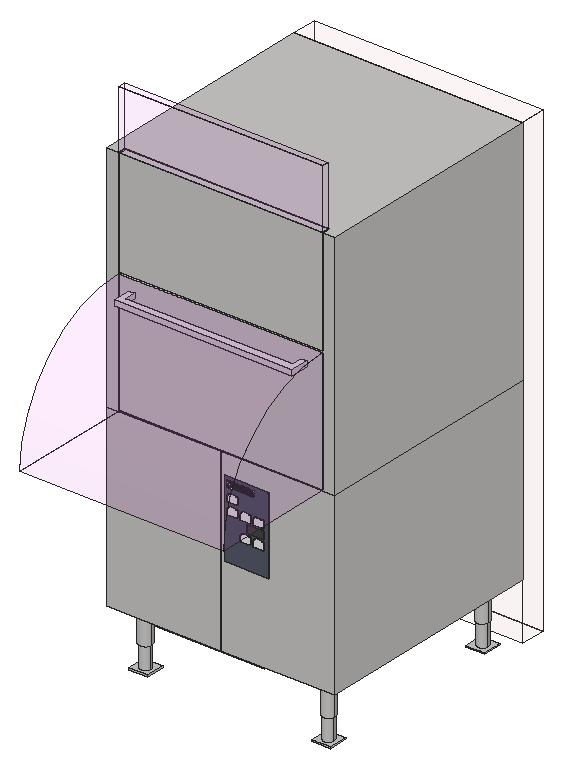
Revit family "QF_ELECTROLUXPROFESSIONAL_506071_EPPWESGM6", category Attrezzature speciali, Revit 2020
Family settings
  Quota connettore circolare = Usa diametro
  Tipo di parte = Normale
  Basato su piano di lavoro = No
  Sempre verticale = Sì
  Taglio con vuoti quando caricato = No
  Condiviso = No
  Punto di calcolo locali = No
Parameters (values of type "Standard")
  Weight = 200.00 kg
  Watts = 13000 W
  Volts = 440 V
  URL Manufacturer = "https://www.electroluxprofessional.com/"
  URL = "https://www.electroluxprofessional.com/"
  Steam Supply Size = 0 mm
  Steam Supply Minimum Pressure = 0.0 Pa
  Steam Supply Maximum Pressure = 0.0 Pa
  Steam Consumption per Hour = 0
  Show Logo [instance] = yes
  Show Clearance [instance] = yes
  Refrigeration Suction Line Size = 0 mm
  Refrigeration Liquid Line Size = 0 mm
  Refrigerant Compressor Remote = yes
  Prospetto di default = 0 mm
  Produttore = "Electrolux Professional"
  Phase = 3
  Modello = "EPPWESGM6"
  Length Actual = 876 mm  # constant formula
  Item Number = "506071"
  Hot Water Size = 19.05 mm
  Height Actual = 1791 mm  # constant formula
  HP = "17.4 HP"
  Gas Size = 0 mm
  Gas KW = 0
  Gas Input Pressure = 0 W
  Direct Waste Size = 20 mm
  Descrizione = "ELECTRONIC POT&PAN 900MM, 60HZ-MARINE"
  Depth Actual = 900 mm  # constant formula
  Cycle = 60 Hz
  Condensate Return Size = 0 mm
  Compressed Air Volume = 0.0 L/s
  Compressed Air Size = 0 mm
  Compressed Air Pressure = 0.0 Pa
  Cold Water Size = 0 mm
  Accessory = yes
Reference planes
  plane 1 "Center (Front/Back)": y = 0
  plane 2: z = 0
  plane 3: x = -63
  plane 4 "LEFT": x = -501
  plane 5: x = 375
  plane 6: y = -450
  plane 7 "BACK": y = 450
  plane 8: z = 220
  plane 9: z = 115
  plane 10: z = 1791
Forms (mm)
  Extrusion 1, solid, material "QF_Finishes_Stainless Steel"
    sketch origin (88.519, -3.5, 0) x (1, 0, 0) y (0, 1, 0)
      loop
        line (-534.519, -88.5) -> (-534.519, -308.5) -> (-94.519, -308.5) -> (-94.519, -88.5) -> (-534.519, -88.5)
    from 115 to 220
  Extrusion 2, solid, material "QF_Finishes_Stainless Steel"
    sketch origin (0, 0, 0) x (1, 0, 0) y (0, 1, 0)
      loop
        line (-501, 450) -> (-501, -450) -> (-63, -450) -> (-63, 450) -> (-501, 450)
    from 220 to 904
  Extrusion 3, solid, material "QF_Finishes_Stainless Steel"
    sketch origin (0, 0, 0) x (1, 0, 0) y (0, 1, 0)
      loop
        line (-63, 450) -> (-63, -450) -> (375, -450) -> (375, 450) -> (-63, 450)
    from 220 to 904
  Extrusion 4, solid, material "QF_Finishes_Stainless Steel"
    sketch origin (0, 0, 0) x (1, 0, 0) y (0, 1, 0)
      loop
        line (-501, 450) -> (-501, -450) -> (-453, -450) -> (-453, -418) -> (327, -418) -> (327, -450) -> (375, -450) -> (375, 450) -> (-501, 450)
    from 904 to 1791
  Extrusion 5, solid, material "QF_Finishes_Stainless Steel"
    sketch origin (0, 0, 0) x (1, 0, 0) y (0, 1, 0)
      loop
        line (-453, -450) -> (327, -450) -> (327, -420) -> (-453, -420) -> (-453, -450)
    from 909 to 1377.938
  Extrusion 6, solid, material "QF_Finishes_Stainless Steel"
    sketch origin (0, 0, 0) x (1, 0, 0) y (0, 1, 0)
      loop
        line (-453, -450) -> (327, -450) -> (327, -420) -> (-453, -420) -> (-453, -450)
    from 1384.114 to 1791
  Extrusion 7, solid, material "QF_Finishes_Door Clearance", visible <- "Show Clearance"
    sketch origin (-229, -650, 546.718) x (0, 1, 0) y (0, 0, -1)
      loop
        line (200, -357.282) -> (-274, -357.282)
        arc (-274, -357.282) -> (-135.169, -692.45) -> (200, -831.282) r 474
        line (200, -831.282) -> (200, -357.282)
    from 224 to -556
  Extrusion 8, solid, material "QF_Finishes_Door Clearance", visible <- "Show Clearance"
    sketch origin (-229, -650, 1221.218) x (0, 1, 0) y (0, 0, -1)
      loop
        line (200, -569.782) -> (200, -798.782) -> (230, -798.782) -> (230, -569.782) -> (200, -569.782)
    from 224 to -556
  Extrusion 9, solid, material "QF_Finishes_Clearance", visible <- "Show Clearance"
    sketch origin (0, 0, 0) x (1, 0, 0) y (0, 1, 0)
      loop
        line (-501, 450) -> (375, 450) -> (375, 550) -> (-501, 550) -> (-501, 450)
    from 0 to 1791
  Extrusion 10, solid, material "QF_Finishes_Stainless Steel"
    sketch origin (-756.159, 1152.464, 214.383) x (1, 0, 0) y (0, 1, 0)
      loop
        circle (701.159, -772.464) r 10
    from -9.383 to 5.617
  Extrusion 11, solid, material "QF_Finishes_Stainless Steel"
    sketch origin (207.404, -238.023, 218) x (0, -1, 0) y (1, 0, 0)
      loop
        line (-163.023, 6.596) -> (-163.023, 26.596) -> (-183.023, 26.596) -> (-183.023, 6.596) -> (-163.023, 6.596)
    from 0 to 2
  Extrusion 12, solid, material "QF_Finishes_Stainless Steel"
    sketch origin (-127.596, 216.977, 218) x (0, -1, 0) y (1, 0, 0)
      loop
        line (-163.023, 6.596) -> (-163.023, 26.596) -> (-183.023, 26.596) -> (-183.023, 6.596) -> (-163.023, 6.596)
    from 0 to 2
  Extrusion 13, solid, material "QF_Finishes_Stainless Steel"
    sketch origin (-526.159, 606.464, 214.383) x (1, 0, 0) y (0, 1, 0)
      loop
        circle (701.159, -772.464) r 10
    from -9.383 to 5.617
  Extrusion 14, solid, material "QF_Finishes_Stainless Steel"
    sketch origin (-456.159, 516.464, 214.383) x (1, 0, 0) y (0, 1, 0)
      loop
        circle (701.159, -772.464) r 10
    from -9.383 to 5.617
Dimensions and locks
  equal spacing: plane 7 "BACK", plane 1 "Center (Front/Back)", plane 6
  plane 7 "BACK" to plane 6 = 900 mm  (x2)
  plane 4 "LEFT" to plane 5 = 876 mm
  equal spacing: Extrusion 2, Extrusion 4 sketch curve, Extrusion 4 sketch curve, Extrusion 4 sketch curve
  equal spacing: plane 5, plane 3, plane 4 "LEFT"
  plane 8 to level = 220 mm
  Extrusion 1 to Extrusion 1 = 220 mm
  Extrusion 1 to plane 6 = 138 mm
  plane 10 to level = 1791 mm
  Extrusion 8 to level = 2020 mm
  Extrusion 9 to Extrusion 7 = 1374 mm
  level to Extrusion 4 = 904 mm
  aligned and locked: level to plane 2
  aligned and locked: plane 8 to Extrusion 1
  aligned and locked: Extrusion 1 to plane 9
  aligned and locked: Extrusion 2 to plane 6
  aligned and locked: plane 7 "BACK" to Extrusion 2
  aligned and locked: Extrusion 2 to plane 4 "LEFT"
  aligned and locked: Extrusion 3 sketch curve to Extrusion 2  (x2)
  aligned and locked: plane 6 to Extrusion 3 sketch curve
  aligned and locked: Extrusion 3 sketch curve to plane 5
  aligned and locked: Extrusion 2 to plane 8
  aligned and locked: Extrusion 3 to plane 8
  aligned and locked: Extrusion 4 sketch curve to Extrusion 2  (x2)
  aligned and locked: Extrusion 5 sketch curve to plane 6
  aligned and locked: Extrusion 6 sketch curve to Extrusion 5  (x4)
  aligned and locked: Extrusion 6 to Extrusion 8 sketch curve
  aligned and locked: Extrusion 8 to Extrusion 6  (x2)
Automatic sketch dimensions
  plane 4 "LEFT" to Extrusion 1 sketch curve = 55 mm
  plane 3 to Extrusion 1 sketch curve = 57 mm
  plane 6 to Extrusion 1 sketch curve = 138 mm
  plane 1 "Center (Front/Back)" to Extrusion 1 sketch curve = 92 mm
  Extrusion 2 sketch curve to plane 4 "LEFT" = 0 mm
  Extrusion 2 sketch curve to plane 3 = 0 mm
  Extrusion 2 sketch curve to plane 6 = 0 mm
  Extrusion 2 sketch curve to plane 7 "BACK" = 0 mm
  Extrusion 4 sketch curve to plane 6 = 0 mm  (x2)
  Extrusion 4 sketch curve to plane 5 = 0 mm
  plane 4 "LEFT" to Extrusion 4 sketch curve = 48 mm
  Extrusion 4 sketch curve to Extrusion 4 sketch curve = 48 mm
  Extrusion 4 sketch curve to Extrusion 4 sketch curve = 32 mm
  plane 4 "LEFT" to Extrusion 5 sketch curve = 48 mm
  Extrusion 5 sketch curve to plane 5 = 48 mm
  Extrusion 5 sketch curve to Extrusion 5 sketch curve = 30 mm
  Extrusion 7 sketch curve to plane 6 = 0 mm
  Extrusion 7 sketch curve to plane 6 = 474 mm
  plane 10 to Extrusion 7 sketch curve = 413 mm
  Extrusion 8 sketch curve to plane 6 = 0 mm
  plane 10 to Extrusion 8 sketch curve = 0 mm
  Extrusion 8 sketch curve to Extrusion 8 sketch curve = 229 mm
  Extrusion 9 sketch curve to plane 4 "LEFT" = 0 mm
  Extrusion 9 sketch curve to plane 5 = 0 mm
  Extrusion 9 sketch curve to plane 7 "BACK" = 0 mm
  Extrusion 9 sketch curve to Extrusion 9 sketch curve = 100 mm
  Extrusion 10 sketch curve to plane 5 = 430 mm
  Extrusion 10 sketch curve to plane 7 "BACK" = 70 mm
  Extrusion 11 sketch curve to plane 7 "BACK" = 505 mm
  Extrusion 11 sketch curve to Extrusion 11 sketch curve = 20 mm  (x2)
  Extrusion 11 sketch curve to plane 5 = 161 mm
  Extrusion 12 sketch curve to plane 1 "Center (Front/Back)" = 400 mm
  Extrusion 12 sketch curve to Extrusion 12 sketch curve = 20 mm  (x2)
  Extrusion 12 sketch curve to plane 5 = 496 mm
  Extrusion 13 sketch curve to plane 5 = 200 mm
  Extrusion 13 sketch curve to plane 7 "BACK" = 616 mm
  Extrusion 14 sketch curve to plane 5 = 130 mm
  Extrusion 14 sketch curve to plane 7 "BACK" = 706 mm
  radius of Extrusion 10 sketch curve = 10 mm
  radius of Extrusion 13 sketch curve = 10 mm
  radius of Extrusion 14 sketch curve = 10 mm
Nested families
  nested 1: "MANIGLIA_DISHWASHING_SQUARE" at (-73, -450, 1321) x (1, 0, 0) z (0, -1, 0), type "MANIGLIA_DISHWASHING_SQUARE"
  nested 2: "Tastierino_LARGE_ROUNCORNER_DISHWASHING_BLUE" at (37, -450, 680) x (-1, 0, 0) z (0, -1, 0), type "Tastierino_LARGE_ROUNCORNER_DISHWASHING_BLUE"
    with Show Logo yes
  nested 3: "ELX_LOGO_MONO_SMALL_WHITE" at (-34.92, -450.8, 755) x (-1, 0, 0) z (0, -1, 0), Show Logo <- "Show Logo", visible <- "Show Logo", type "ELX_LOGO_MONO_SMALL_WHITE"
    with Show Logo yes
  nested 4: "ELX_LOGO_WORDS_WHITE" at (27, -450.8, 804.211) x (1, 0, 0) z (0, -1, 0), Show Logo <- "Show Logo", visible <- "Show Logo", type "ELX_LOGO_WORDS_WHITE"
    with Show Logo yes
  nested 5: "Piedino H220X50 - DISHWASHING - MARINE" at (-414, -371, 0), type "Piedino H220X50 - DISHWASHING - MARINE"
    with H 200 mm
  nested 6: "Piedino H220X50 - DISHWASHING - MARINE" at (288, -371, 0), type "Piedino H220X50 - DISHWASHING - MARINE"
    with H 200 mm
  nested 7: "Piedino H220X50 - DISHWASHING - MARINE" at (-414, 367, 0), type "Piedino H220X50 - DISHWASHING - MARINE"
    with H 200 mm
  nested 8: "Piedino H220X50 - DISHWASHING - MARINE" at (288, 367, 0), type "Piedino H220X50 - DISHWASHING - MARINE"
    with H 200 mm
Connectors
  piping at (-55, 380, 205), diameter 12.9
    settings: on Extrusion 10, index 48, connector inside diameter 609.6 mm, connector length 0 mm, flow factor 0, pipe flow 0.0 L/s, pressure drop 0.0 Pa, fitting loss kfactor 0, connector angle 0.00°, fixture units 0, engagement length 0 mm, angle of deflection 0.00°, flow configuration 0, flow direction 0, fitting loss method 0, system type 29, joint type 0, gender type 0, connector reference index -1, connector utility 0, adjustable connector no, is connector primary yes, connector description "D"
  electrical at (224, -65, 218)
    settings: on Extrusion 11, index 49, voltage 0 V, apparent load 0 VA, apparent load phase1 0 VA, apparent load phase2 0 VA, apparent load phase3 0 VA, power factor 1, load classification "Altro", number of poles 1, system type 30, power factor state 1, is connector primary yes, connector utility no, sub classification motor no, connector description "EI"
  electrical at (-111, 390, 218)
    settings: on Extrusion 12, index 50, voltage 0 V, apparent load 0 VA, apparent load phase1 0 VA, apparent load phase2 0 VA, apparent load phase3 0 VA, power factor 1, load classification "Altro", number of poles 1, system type 30, power factor state 1, is connector primary no, connector utility no, sub classification motor no, connector description "EQ"
  piping at (175, -166, 205), diameter 12.9
    settings: on Extrusion 13, index 51, connector inside diameter 609.6 mm, connector length 0 mm, flow factor 0, pipe flow 0.0 L/s, pressure drop 0.0 Pa, fitting loss kfactor 0, connector angle 0.00°, fixture units 0, engagement length 0 mm, angle of deflection 0.00°, flow configuration 0, flow direction 0, fitting loss method 0, system type 29, joint type 0, gender type 0, connector reference index -1, connector utility 0, adjustable connector no, is connector primary no, connector description "HWI"
  piping at (245, -256, 205), diameter 12.9
    settings: on Extrusion 14, index 52, connector inside diameter 609.6 mm, connector length 0 mm, flow factor 0, pipe flow 0.0 L/s, pressure drop 0.0 Pa, fitting loss kfactor 0, connector angle 0.00°, fixture units 0, engagement length 0 mm, angle of deflection 0.00°, flow configuration 0, flow direction 0, fitting loss method 0, system type 29, joint type 0, gender type 0, connector reference index -1, connector utility 0, adjustable connector no, is connector primary no, connector description "XD/XR"
Definition of nested family "MANIGLIA_DISHWASHING_SQUARE"
  Parameters
    Default Elevation = 1219.2 mm
  Reference planes
    plane 1 "Centro (Fronte/Retro)": y = 0
    plane 2: z = 0
    plane 3 "Centro (Sinistra/Destra)": x = 0
    plane 4: z = 72
    plane 5: x = -340
    plane 6: x = 340
  Forms (mm)
    Extrusion 1, solid
      sketch origin (0, 0, 0) x (1, 0, 0) y (0, 1, 0)
        loop
          line (-1219.2, 1219.2) -> (-1219.2, -1219.2) -> (1219.2, -1219.2) -> (1219.2, 1219.2) -> (-1219.2, 1219.2)
      from 0 to -304.8
    Extrusion 2, solid
      sketch origin (0, 10.003, 0) x (1, 0, 0) y (0, 0, 1)
        loop
          line (-340, 0) -> (-320, 0) -> (-320, 42) -> (320, 42) -> (320, 0) -> (340, 0) -> (340, 72) -> (-340, 72) -> (-340, 0)
      from 0 to 20.005
  Dimensions and locks
    aligned and locked: plane 2 to Extrusion 1
    aligned and locked: level to Extrusion 1
Definition of nested family "Tastierino_LARGE_ROUNCORNER_DISHWASHING_BLUE"
  Parameters
    Show Logo [instance] = yes
    Default Elevation = 1219.2 mm
  Reference planes
    plane 1 "Centro (Fronte/Retro)": y = 0
    plane 2: z = 0
    plane 3 "Centro (Sinistra/Destra)": x = 0
  Forms (mm)
    Extrusion 1, solid
      sketch origin (0, 0, 0) x (1, 0, 0) y (0, 1, 0)
        loop
          line (-1219.2, 1219.2) -> (-1219.2, -1219.2) -> (1219.2, -1219.2) -> (1219.2, 1219.2) -> (-1219.2, 1219.2)
      from 0 to -304.8
    Extrusion 2, solid
      sketch origin (0, 0, 0) x (1, 0, 0) y (0, 1, 0)
        loop
          line (-84.444, 147.62) -> (-84.444, -147.62) -> (84.444, -147.62) -> (84.444, 147.62) -> (-84.444, 147.62)
        loop
          arc (-63.183, 58.723) -> (-64.598, 58.137) -> (-65.183, 56.723) r 2
          line (-65.183, 56.723) -> (-65.183, 30.723)
          arc (-65.183, 30.723) -> (-64.598, 29.308) -> (-63.183, 28.723) r 2
          line (-63.183, 28.723) -> (-40.183, 28.723)
          arc (-40.183, 28.723) -> (-29.577, 33.116) -> (-25.183, 43.723) r 15
          line (-25.183, 43.723) -> (-25.183, 56.723)
          arc (-25.183, 56.723) -> (-25.769, 58.137) -> (-27.183, 58.723) r 2
          line (-27.183, 58.723) -> (-63.183, 58.723)
        loop
          line (-65.183, 22.208) -> (-65.183, -7.792) -> (0, -7.792) -> (0, 22.208) -> (-65.183, 22.208)
        loop
          arc (-13.183, 58.723) -> (-14.598, 58.137) -> (-15.183, 56.723) r 2
          line (-15.183, 56.723) -> (-15.183, 30.723)
          arc (-15.183, 30.723) -> (-14.598, 29.308) -> (-13.183, 28.723) r 2
          line (-13.183, 28.723) -> (9.817, 28.723)
          arc (9.817, 28.723) -> (20.423, 33.116) -> (24.817, 43.723) r 15
          line (24.817, 43.723) -> (24.817, 56.723)
          arc (24.817, 56.723) -> (24.231, 58.137) -> (22.817, 58.723) r 2
          line (22.817, 58.723) -> (-13.183, 58.723)
        loop
          arc (-63.183, -16.277) -> (-64.598, -16.863) -> (-65.183, -18.277) r 2
          line (-65.183, -18.277) -> (-65.183, -44.277)
          arc (-65.183, -44.277) -> (-64.598, -45.692) -> (-63.183, -46.277) r 2
          line (-63.183, -46.277) -> (-40.183, -46.277)
          arc (-40.183, -46.277) -> (-29.577, -41.884) -> (-25.183, -31.277) r 15
          line (-25.183, -31.277) -> (-25.183, -18.277)
          arc (-25.183, -18.277) -> (-25.769, -16.863) -> (-27.183, -16.277) r 2
          line (-27.183, -16.277) -> (-63.183, -16.277)
        loop
          arc (-13.183, -16.277) -> (-14.598, -16.863) -> (-15.183, -18.277) r 2
          line (-15.183, -18.277) -> (-15.183, -44.277)
          arc (-15.183, -44.277) -> (-14.598, -45.692) -> (-13.183, -46.277) r 2
          line (-13.183, -46.277) -> (9.817, -46.277)
          arc (9.817, -46.277) -> (20.423, -41.884) -> (24.817, -31.277) r 15
          line (24.817, -31.277) -> (24.817, -18.277)
          arc (24.817, -18.277) -> (24.231, -16.863) -> (22.817, -16.277) r 2
          line (22.817, -16.277) -> (-13.183, -16.277)
        loop
          arc (36.817, -16.277) -> (35.402, -16.863) -> (34.817, -18.277) r 2
          line (34.817, -18.277) -> (34.817, -44.277)
          arc (34.817, -44.277) -> (35.402, -45.692) -> (36.817, -46.277) r 2
          line (36.817, -46.277) -> (59.817, -46.277)
          arc (59.817, -46.277) -> (70.423, -41.884) -> (74.817, -31.277) r 15
          line (74.817, -31.277) -> (74.817, -18.277)
          arc (74.817, -18.277) -> (74.231, -16.863) -> (72.817, -16.277) r 2
          line (72.817, -16.277) -> (36.817, -16.277)
        loop
          arc (36.817, -61.277) -> (35.402, -61.863) -> (34.817, -63.277) r 2
          line (34.817, -63.277) -> (34.817, -89.277)
          arc (34.817, -89.277) -> (35.402, -90.692) -> (36.817, -91.277) r 2
          line (36.817, -91.277) -> (59.817, -91.277)
          arc (59.817, -91.277) -> (70.423, -86.884) -> (74.817, -76.277) r 15
          line (74.817, -76.277) -> (74.817, -63.277)
          arc (74.817, -63.277) -> (74.231, -61.863) -> (72.817, -61.277) r 2
          line (72.817, -61.277) -> (36.817, -61.277)
      from 0 to 0.8
    Extrusion 3, solid
      sketch origin (0, 0, 0) x (1, 0, 0) y (0, 1, 0)
        loop
          line (-65.183, 22.208) -> (-65.183, -7.792) -> (0, -7.792) -> (0, 22.208) -> (-65.183, 22.208)
      from 0 to 0.8
    Extrusion 4, solid
      sketch origin (0, 0, 0) x (1, 0, 0) y (0, 1, 0)
        loop
          arc (-63.183, 58.723) -> (-64.598, 58.137) -> (-65.183, 56.723) r 2
          line (-65.183, 56.723) -> (-65.183, 30.723)
          arc (-65.183, 30.723) -> (-64.598, 29.308) -> (-63.183, 28.723) r 2
          line (-63.183, 28.723) -> (-40.183, 28.723)
          arc (-40.183, 28.723) -> (-29.577, 33.116) -> (-25.183, 43.723) r 15
          line (-25.183, 43.723) -> (-25.183, 56.723)
          arc (-25.183, 56.723) -> (-25.769, 58.137) -> (-27.183, 58.723) r 2
          line (-27.183, 58.723) -> (-63.183, 58.723)
        loop
          arc (-13.183, 58.723) -> (-14.598, 58.137) -> (-15.183, 56.723) r 2
          line (-15.183, 56.723) -> (-15.183, 30.723)
          arc (-15.183, 30.723) -> (-14.598, 29.308) -> (-13.183, 28.723) r 2
          line (-13.183, 28.723) -> (9.817, 28.723)
          arc (9.817, 28.723) -> (20.423, 33.116) -> (24.817, 43.723) r 15
          line (24.817, 43.723) -> (24.817, 56.723)
          arc (24.817, 56.723) -> (24.231, 58.137) -> (22.817, 58.723) r 2
          line (22.817, 58.723) -> (-13.183, 58.723)
        loop
          arc (-63.183, -16.277) -> (-64.598, -16.863) -> (-65.183, -18.277) r 2
          line (-65.183, -18.277) -> (-65.183, -44.277)
          arc (-65.183, -44.277) -> (-64.598, -45.692) -> (-63.183, -46.277) r 2
          line (-63.183, -46.277) -> (-40.183, -46.277)
          arc (-40.183, -46.277) -> (-29.577, -41.884) -> (-25.183, -31.277) r 15
          line (-25.183, -31.277) -> (-25.183, -18.277)
          arc (-25.183, -18.277) -> (-25.769, -16.863) -> (-27.183, -16.277) r 2
          line (-27.183, -16.277) -> (-63.183, -16.277)
        loop
          arc (-13.183, -16.277) -> (-14.598, -16.863) -> (-15.183, -18.277) r 2
          line (-15.183, -18.277) -> (-15.183, -44.277)
          arc (-15.183, -44.277) -> (-14.598, -45.692) -> (-13.183, -46.277) r 2
          line (-13.183, -46.277) -> (9.817, -46.277)
          arc (9.817, -46.277) -> (20.423, -41.884) -> (24.817, -31.277) r 15
          line (24.817, -31.277) -> (24.817, -18.277)
          arc (24.817, -18.277) -> (24.231, -16.863) -> (22.817, -16.277) r 2
          line (22.817, -16.277) -> (-13.183, -16.277)
        loop
          arc (36.817, -16.277) -> (35.402, -16.863) -> (34.817, -18.277) r 2
          line (34.817, -18.277) -> (34.817, -44.277)
          arc (34.817, -44.277) -> (35.402, -45.692) -> (36.817, -46.277) r 2
          line (36.817, -46.277) -> (59.817, -46.277)
          arc (59.817, -46.277) -> (70.423, -41.884) -> (74.817, -31.277) r 15
          line (74.817, -31.277) -> (74.817, -18.277)
          arc (74.817, -18.277) -> (74.231, -16.863) -> (72.817, -16.277) r 2
          line (72.817, -16.277) -> (36.817, -16.277)
        loop
          arc (36.817, -61.277) -> (35.402, -61.863) -> (34.817, -63.277) r 2
          line (34.817, -63.277) -> (34.817, -89.277)
          arc (34.817, -89.277) -> (35.402, -90.692) -> (36.817, -91.277) r 2
          line (36.817, -91.277) -> (59.817, -91.277)
          arc (59.817, -91.277) -> (70.423, -86.884) -> (74.817, -76.277) r 15
          line (74.817, -76.277) -> (74.817, -63.277)
          arc (74.817, -63.277) -> (74.231, -61.863) -> (72.817, -61.277) r 2
          line (72.817, -61.277) -> (36.817, -61.277)
      from 0 to 0.8
  Dimensions and locks
    aligned and locked: plane 2 to Extrusion 1
    aligned and locked: level to Extrusion 1
Definition of nested family "ELX_LOGO_MONO_SMALL_WHITE"
  Parameters (values of type "ELX_LOGO_MONO_SMALL_WHITE")
    Show Logo [instance] = yes
    Default Elevation = 1219.2 mm
  Reference planes
    plane 1 "Center (Front/Back)": y = -49
    plane 2: z = 0
    plane 3 "Center (Left/Right)": x = -9.92
  Forms (mm)
    Extrusion 1, solid
      sketch origin (0, 0, 0) x (1, 0, 0) y (0, 1, 0)
        loop
          line (-1219.2, 1219.2) -> (-1219.2, -1219.2) -> (1219.2, -1219.2) -> (1219.2, 1219.2) -> (-1219.2, 1219.2)
      from 0 to -304.8
    Extrusion 2, solid, visible <- "Show Logo"
      sketch origin (84.462, 509.781, 0) x (1, 0, 0) y (0, 1, 0)
        loop
          line (-97.736, -569.727) -> (-97.736, -547.891)
          arc (-97.736, -547.891) -> (-105.808, -558.809) -> (-97.736, -569.727) r 11.42
        loop
          arc (-96.625, -569.727) -> (-87.544, -567.663) -> (-83.169, -559.442) r 11.191
          line (-83.169, -559.442) -> (-86.782, -559.442)
          arc (-86.782, -559.442) -> (-93.235, -562.062) -> (-96.625, -568.146) r 10.49
          line (-96.625, -568.146) -> (-96.625, -569.727)
        loop
          arc (-96.625, -549.472) -> (-93.235, -555.557) -> (-86.782, -558.176) r 10.49
          line (-86.782, -558.176) -> (-83.169, -558.176)
          arc (-83.169, -558.176) -> (-87.537, -549.888) -> (-96.625, -547.611) r 11.484
          line (-96.625, -547.611) -> (-96.625, -549.472)
        loop
          line (-82.34, -570.919) -> (-82.34, -546.65) -> (-106.642, -546.65) -> (-106.642, -570.919) -> (-82.34, -570.919)
      from 0 to 1.644
  Dimensions and locks
    aligned and locked: plane 2 to Extrusion 1
    aligned and locked: level to Extrusion 1
Definition of nested family "ELX_LOGO_WORDS_WHITE"
  Parameters (values of type "ELX_LOGO_WORDS_WHITE")
    Show Logo [instance] = yes
    Default Elevation = 0 mm
  Reference planes
    plane 1 "Centro (Fronte/Retro)": y = 0
    plane 2: z = 0
    plane 3 "Centro (Sinistra/Destra)": x = 0
  Forms (mm)
    Extrusion 1, solid
      sketch origin (0, 0, 0) x (1, 0, 0) y (0, 1, 0)
        loop
          line (-1219.2, 1219.2) -> (-1219.2, -1219.2) -> (1219.2, -1219.2) -> (1219.2, 1219.2) -> (-1219.2, 1219.2)
      from 0 to -304.8
    Extrusion 2, solid, visible <- "Show Logo"
      sketch origin (0, 0, 0) x (1, 0, 0) y (0, 1, 0)
        loop
          line (-30.234, 10.561) -> (-37.67, 10.561) -> (-37.67, 1.902)
          arc (-37.67, 1.902) -> (-36.691, -0.461) -> (-34.329, -1.439) r 3.341
          line (-34.329, -1.439) -> (-30.09, -1.439) -> (-30.09, 0.503) -> (-33.845, 0.503)
          arc (-33.845, 0.503) -> (-35.079, 0.92) -> (-35.604, 2.112) r 1.615
          line (-35.604, 2.112) -> (-35.604, 3.829) -> (-30.555, 3.829) -> (-30.555, 5.779) -> (-35.604, 5.779) -> (-35.604, 8.617) -> (-30.234, 8.617) -> (-30.234, 10.561)
        loop
          line (-28.622, 10.561) -> (-28.622, -1.439) -> (-26.555, -1.439) -> (-26.555, 10.561) -> (-28.622, 10.561)
        loop
          line (16.27, 10.561) -> (16.27, -1.439) -> (18.338, -1.439) -> (18.338, 10.561) -> (16.27, 10.561)
        loop
          line (-23.137, 2.393) -> (-16.354, 2.393)
          arc (-16.354, 2.393) -> (-17.415, 6.119) -> (-21.043, 7.478) r 4.298
          arc (-21.043, 7.478) -> (-24.239, 5.857) -> (-25.151, 2.393) r 4.373
          arc (-25.151, 2.393) -> (-23.951, -0.505) -> (-21.053, -1.705) r 4.097
          arc (-21.053, -1.705) -> (-18.799, -1.372) -> (-16.908, -0.099) r 5.15
          line (-16.908, -0.099) -> (-18.133, 1.125)
          arc (-18.133, 1.125) -> (-19.74, 0.161) -> (-21.607, 0.323) r 3.039
          arc (-21.607, 0.323) -> (-22.746, 1.081) -> (-23.137, 2.393) r 2.013
        loop
          line (-23.085, 3.846) -> (-18.431, 3.846)
          arc (-18.431, 3.846) -> (-19.084, 5.22) -> (-20.519, 5.727) r 1.983
          arc (-20.519, 5.727) -> (-22.175, 5.295) -> (-23.085, 3.846) r 2.321
        loop
          line (-8.297, 4.711) -> (-6.999, 6.009)
          arc (-6.999, 6.009) -> (-8.627, 7.187) -> (-10.604, 7.539) r 4.497
          arc (-10.604, 7.539) -> (-13.621, 6.437) -> (-15.204, 3.642) r 4.652
          arc (-15.204, 3.642) -> (-12.536, -1.257) -> (-7.072, -0.127) r 4.684
          line (-7.072, -0.127) -> (-8.363, 1.163)
          arc (-8.363, 1.163) -> (-11.149, 0.242) -> (-13.145, 2.393) r 2.714
          arc (-13.145, 2.393) -> (-13.006, 4.094) -> (-11.835, 5.335) r 2.578
          arc (-11.835, 5.335) -> (-9.96, 5.621) -> (-8.297, 4.711) r 2.961
        loop
          line (-5.73, 10.561) -> (-5.73, 2.36)
          arc (-5.73, 2.36) -> (-5.551, 1.13) -> (-5.09, -0.025) r 5.301
          arc (-5.09, -0.025) -> (-3.615, -1.198) -> (-1.746, -1.445) r 3.531
          line (-1.746, -1.445) -> (-1.746, 0.492)
          arc (-1.746, 0.492) -> (-2.302, 0.534) -> (-2.82, 0.74) r 1.862
          arc (-2.82, 0.74) -> (-3.484, 1.442) -> (-3.662, 2.393) r 1.713
          line (-3.662, 2.393) -> (-3.662, 5.362) -> (-1.785, 5.362) -> (-1.785, 7.24) -> (-3.662, 7.24) -> (-3.662, 10.561) -> (-5.73, 10.561)
        loop
          arc (2.004, 3.123) -> (2.152, 3.988) -> (2.578, 4.755) r 2.607
          arc (2.578, 4.755) -> (3.817, 5.391) -> (5.208, 5.362) r 2.84
          line (5.208, 5.362) -> (5.208, 7.349)
          arc (5.208, 7.349) -> (3.39, 7.177) -> (2.004, 5.989) r 3.016
          line (2.004, 5.989) -> (2.004, 7.24) -> (-0.046, 7.24) -> (-0.046, -1.439) -> (2.004, -1.439) -> (2.004, 3.123)
        loop
          circle (10.262, 2.899) r 4.599
        loop
          circle (10.262, 2.899) r 2.787
        loop
          arc (25.793, 2.175) -> (25.283, 0.772) -> (23.898, 0.213) r 1.835
          arc (23.898, 0.213) -> (22.514, 0.772) -> (22.004, 2.175) r 1.835
          line (22.004, 2.175) -> (22.004, 7.24) -> (19.919, 7.24) -> (19.919, 2.003)
          arc (19.919, 2.003) -> (21.105, -0.701) -> (23.898, -1.659) r 3.675
          arc (23.898, -1.659) -> (26.723, -0.672) -> (27.877, 2.088) r 3.675
          line (27.877, 2.088) -> (27.877, 7.24) -> (25.793, 7.24) -> (25.793, 2.175)
        loop
          line (29.126, 7.24) -> (32.128, 3.164) -> (28.83, -1.442) -> (31.052, -1.442) -> (33.241, 1.615) -> (35.462, -1.442) -> (37.67, -1.442) -> (34.419, 3.211) -> (37.392, 7.24) -> (35.135, 7.24) -> (33.234, 4.663) -> (31.362, 7.24) -> (29.126, 7.24)
        loop
          line (-35.875, -6.414) -> (-37.523, -6.414) -> (-37.523, -10.564) -> (-36.621, -10.564) -> (-36.621, -9.135) -> (-35.625, -9.135)
          arc (-35.625, -9.135) -> (-34.509, -7.66) -> (-35.875, -6.414) r 1.372
        loop
          arc (-35.664, -8.32) -> (-35.322, -7.786) -> (-35.664, -7.253) r 0.587
          line (-35.664, -7.253) -> (-36.621, -7.253) -> (-36.621, -8.32) -> (-35.664, -8.32)
        loop
          line (-29.363, -6.414) -> (-31.04, -6.414) -> (-31.04, -10.564) -> (-30.138, -10.564) -> (-30.138, -9.135) -> (-29.265, -9.135) -> (-28.669, -10.564) -> (-27.7, -10.564) -> (-28.516, -8.814)
          arc (-28.516, -8.814) -> (-28.125, -8.347) -> (-27.994, -7.752) r 1.281
          arc (-27.994, -7.752) -> (-28.406, -6.804) -> (-29.363, -6.414) r 1.37
        loop
          line (-30.138, -7.253) -> (-30.138, -8.32) -> (-29.18, -8.32)
          arc (-29.18, -8.32) -> (-28.839, -7.786) -> (-29.18, -7.253) r 0.587
          line (-29.18, -7.253) -> (-30.138, -7.253)
        loop
          circle (-22.402, -8.489) r 2.156
        loop
          circle (-22.402, -8.489) r 1.368
        loop
          line (-16.703, -6.414) -> (-16.703, -10.564) -> (-15.823, -10.564) -> (-15.823, -9.114) -> (-14.261, -9.114) -> (-14.261, -8.184) -> (-15.823, -8.184) -> (-15.823, -7.308) -> (-14.111, -7.308) -> (-14.111, -6.414) -> (-16.703, -6.414)
        loop
          line (-10.611, -6.414) -> (-10.611, -9.216)
          arc (-10.611, -9.216) -> (-10.229, -10.166) -> (-9.284, -10.561) r 1.327
          line (-9.284, -10.561) -> (-7.945, -10.561) -> (-7.945, -9.777) -> (-9.204, -9.777)
          arc (-9.204, -9.777) -> (-9.668, -9.394) -> (-9.759, -8.799) r 0.845
          line (-9.759, -8.799) -> (-8.1, -8.799) -> (-8.1, -8.015) -> (-9.759, -8.015) -> (-9.759, -7.198) -> (-7.985, -7.198) -> (-7.985, -6.414) -> (-10.611, -6.414)
        loop
          arc (4.417, -6.94) -> (3.867, -6.489) -> (3.171, -6.345) r 1.485
          arc (3.171, -6.345) -> (2.528, -6.503) -> (2, -6.902) r 1.645
          arc (2, -6.902) -> (1.902, -7.844) -> (2.51, -8.571) r 1.217
          arc (2.51, -8.571) -> (3.021, -8.741) -> (3.506, -8.976) r 4.201
          arc (3.506, -8.976) -> (3.812, -9.337) -> (3.601, -9.761) r 0.43
          arc (3.601, -9.761) -> (3.209, -9.853) -> (2.819, -9.754) r 0.846
          arc (2.819, -9.754) -> (2.482, -9.511) -> (2.275, -9.15) r 0.983
          line (2.275, -9.15) -> (1.549, -9.489)
          arc (1.549, -9.489) -> (1.811, -9.993) -> (2.232, -10.374) r 1.595
          arc (2.232, -10.374) -> (2.71, -10.578) -> (3.227, -10.63) r 1.719
          arc (3.227, -10.63) -> (3.867, -10.503) -> (4.442, -10.197) r 2.246
          arc (4.442, -10.197) -> (4.697, -9.52) -> (4.566, -8.81) r 1.349
          arc (4.566, -8.81) -> (4.282, -8.482) -> (3.919, -8.245) r 1.564
          arc (3.919, -8.245) -> (3.46, -8.04) -> (2.99, -7.864) r 8.236
          arc (2.99, -7.864) -> (2.718, -7.441) -> (3.111, -7.128) r 0.375
          arc (3.111, -7.128) -> (3.581, -7.241) -> (3.943, -7.563) r 0.998
          line (3.943, -7.563) -> (4.417, -6.94)
        loop
          line (8.225, -6.414) -> (8.225, -10.561) -> (9.077, -10.561) -> (9.077, -6.414) -> (8.225, -6.414)
        loop
          circle (14.827, -8.488) r 1.29
        loop
          circle (14.827, -8.488) r 2.154
        loop
          line (20.548, -10.561) -> (21.409, -10.561) -> (21.409, -7.954) -> (23.306, -10.561) -> (24.135, -10.561) -> (24.135, -6.414) -> (23.274, -6.414) -> (23.274, -9.101) -> (21.377, -6.414) -> (20.548, -6.414) -> (20.548, -10.561)
        loop
          line (28.435, -10.561) -> (28.839, -9.667) -> (30.373, -9.667) -> (30.777, -10.561) -> (31.693, -10.561) -> (29.942, -6.414) -> (29.142, -6.414) -> (27.519, -10.561) -> (28.435, -10.561)
        loop
          line (29.99, -8.816) -> (29.579, -7.905) -> (29.18, -8.816) -> (29.99, -8.816)
        loop
          line (35.929, -9.777) -> (35.929, -6.414) -> (35.076, -6.414) -> (35.076, -10.561) -> (37.523, -10.561) -> (37.523, -9.777) -> (35.929, -9.777)
        loop
          arc (-1.8, -6.94) -> (-2.35, -6.489) -> (-3.046, -6.345) r 1.485
          arc (-3.046, -6.345) -> (-3.689, -6.503) -> (-4.218, -6.902) r 1.645
          arc (-4.218, -6.902) -> (-4.316, -7.844) -> (-3.708, -8.571) r 1.217
          arc (-3.708, -8.571) -> (-3.197, -8.741) -> (-2.712, -8.976) r 4.201
          arc (-2.712, -8.976) -> (-2.405, -9.337) -> (-2.616, -9.761) r 0.43
          arc (-2.616, -9.761) -> (-3.008, -9.853) -> (-3.399, -9.754) r 0.846
          arc (-3.399, -9.754) -> (-3.736, -9.511) -> (-3.942, -9.15) r 0.983
          line (-3.942, -9.15) -> (-4.668, -9.489)
          arc (-4.668, -9.489) -> (-4.407, -9.993) -> (-3.985, -10.374) r 1.595
          arc (-3.985, -10.374) -> (-3.507, -10.578) -> (-2.99, -10.63) r 1.719
          arc (-2.99, -10.63) -> (-2.351, -10.503) -> (-1.775, -10.197) r 2.246
          arc (-1.775, -10.197) -> (-1.521, -9.52) -> (-1.652, -8.81) r 1.349
          arc (-1.652, -8.81) -> (-1.936, -8.482) -> (-2.298, -8.245) r 1.564
          arc (-2.298, -8.245) -> (-2.757, -8.04) -> (-3.228, -7.864) r 8.236
          arc (-3.228, -7.864) -> (-3.5, -7.441) -> (-3.107, -7.128) r 0.375
          arc (-3.107, -7.128) -> (-2.636, -7.241) -> (-2.274, -7.563) r 0.998
          line (-2.274, -7.563) -> (-1.8, -6.94)
      from 0 to 1.644
  Dimensions and locks
    aligned and locked: plane 2 to Extrusion 1
    aligned and locked: level to Extrusion 1
Definition of nested family "Piedino H220X50 - DISHWASHING - MARINE"
  Parameters (values of type "Piedino H220X50 - DISHWASHING - MARINE")
    Default Elevation = 0 mm
    H [instance] = 200 mm
  Reference planes
    plane 1 "Centro (Fronte/Retro)": y = 0
    plane 2: z = 0
    plane 3 "Centro (Sinistra/Destra)": x = 0
    plane 4: z = 70.047
  Forms (mm)
    Revolve 1, solid
      sketch origin (55, 0, 0) x (-1, 0, 0) y (0, 0, -1)
        loop
          line (35, -5) -> (35, -90) -> (30, -90) -> (30, -220) -> (55, -220) -> (55, -5) -> (35, -5)
        axis (55, -5) -> (55, -220)
      angle from 0 to 360
    Extrusion 2, solid
      sketch origin (0, 0, 0) x (1, 0, 0) y (0, 0, 1)
        loop
          line (-35, 5) -> (-35, 0) -> (35, 0) -> (35, 5) -> (-35, 5)
      from -36.601 to 35
  Dimensions and locks
    aligned and locked: level to plane 2
